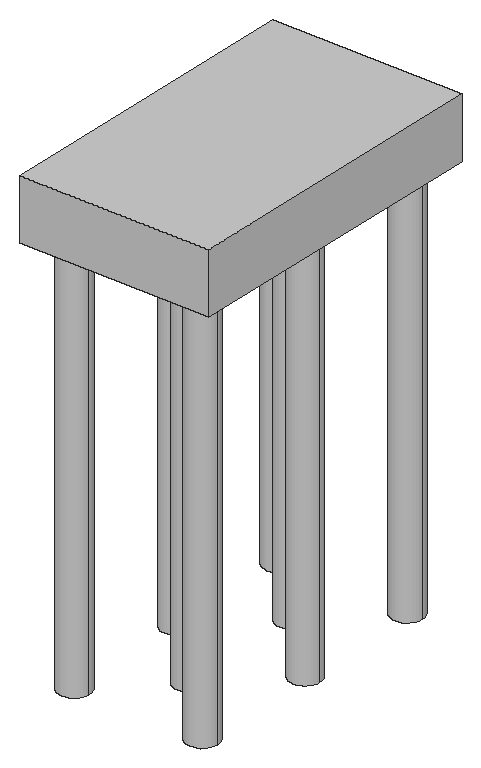
Revit family "Bloco de fundação - 8 Estacas", category Fundações estruturais, Revit 2019
Family settings
  Material para o comportamento do modelo = Outros
  Cap = Não
  Com base no plano de trabalho = Não
  Sempre na vertical = Sim
  Corte com vazios quando carregada = Não
  Compartilhado = Não
Parameters (values of type "6300x3750x1200mm")
  Largura = 3750 mm
  Structural Material [instance] = Concreto - Moldado in loco
  Tipo do pilar [instance] = Estaca de concreto : Diâmetro de 600 mm
  Profundidade da estaca [instance] = 8000 mm
  Comprimento = 6300 mm
  Espessura da fundação = 1200 mm
  Cortado = 100 mm
  Apuramento = 600 mm
  Código de montagem = "A1010130"
Reference planes
  plane 1 "Centro (Frente/Trás)": y = 0
  plane 2: z = 0
  plane 3 "Centro (Esquerda/Direita)": x = 0
  plane 4: x = -1875
  plane 5: x = 1875
  plane 6: y = 3150
  plane 7: y = -3150
  plane 8: z = -1200
  plane 9: x = -1275
  plane 10: x = 1275
  plane 11: y = 2550
  plane 12: y = -2550
  plane 13: y = 1275
  plane 14: y = -1275
  plane 15: z = -1100
  plane 16: z = -9200
Forms (mm)
  Extrusion 1, solid, material "Concreto - Moldado in loco" <- "Structural Material"
    sketch origin (0, 0, 0) x (1, 0, 0) y (0, 1, 0)
      loop
        line (-1875, 3150) -> (-1875, -3150) -> (1875, -3150) -> (1875, 3150) -> (-1875, 3150)
    from -1200 to 0
Dimensions and locks
  "Largura": plane 4 to plane 5
  "Comprimento": plane 6 to plane 7
  equal spacing: plane 6, plane 1 "Centro (Frente/Trás)", plane 7
  equal spacing: plane 4, plane 3 "Centro (Esquerda/Direita)", plane 5
  "Espessura da fundação": plane 2 to plane 8
  "Apuramento": plane 4 to plane 9
  "Apuramento": plane 10 to plane 5
  "Apuramento": plane 6 to plane 11
  "Apuramento": plane 7 to plane 12
  equal spacing: plane 12, plane 14, plane 1 "Centro (Frente/Trás)"
  equal spacing: plane 1 "Centro (Frente/Trás)", plane 13, plane 11
  "Cortado": plane 15 to plane 8
  "Profundidade da estaca": plane 8 to plane 16
  aligned and locked: plane 4 to Extrusion 1 sketch curve
  aligned and locked: Extrusion 1 sketch curve to plane 5
  aligned and locked: Extrusion 1 sketch curve to plane 6
  aligned and locked: plane 7 to Extrusion 1 sketch curve
  aligned and locked: level to Extrusion 1
  aligned and locked: Extrusion 1 to plane 8
  aligned and locked: nested 6 to plane 11
  aligned and locked: nested 6 to plane 9
  aligned and locked: plane 11 to nested 1
  aligned and locked: plane 10 to nested 1
  aligned and locked: plane 12 to nested 8
  aligned and locked: nested 8 to plane 9
  aligned and locked: plane 12 to nested 3
  aligned and locked: nested 3 to plane 10
  aligned and locked: nested 7 to plane 1 "Centro (Frente/Trás)"
  aligned and locked: nested 7 to plane 9
  aligned and locked: plane 1 "Centro (Frente/Trás)" to nested 2
  aligned and locked: plane 10 to nested 2
  aligned and locked: plane 14 to nested 5
  aligned and locked: plane 3 "Centro (Esquerda/Direita)" to nested 5
  aligned and locked: nested 4 to plane 13
  aligned and locked: plane 3 "Centro (Esquerda/Direita)" to nested 4
  aligned and locked: plane 15 to nested 8
  aligned and locked: plane 15 to nested 7
  aligned and locked: plane 15 to nested 6
  aligned and locked: nested 4 to plane 15
  aligned and locked: nested 5 to plane 15
  aligned and locked: plane 15 to nested 1
  aligned and locked: plane 15 to nested 3
  aligned and locked: plane 15 to nested 2
Nested families
  nested 1: "Estaca de concreto" at (1275, 2550, -1200), type <- "Tipo do pilar", Emblocamento mínimo <- "Cortado", Linear <- "Profundidade da estaca", type "Diâmetro de 600 mm"
    with Structural Material Concreto - Moldado in loco, Emblocamento mínimo 100 mm, Linear 8000 mm
  nested 2: "Estaca de concreto" at (1275, 0, -1200), type <- "Tipo do pilar", Emblocamento mínimo <- "Cortado", Linear <- "Profundidade da estaca", type "Diâmetro de 600 mm"
    with Structural Material Concreto - Moldado in loco, Emblocamento mínimo 100 mm, Linear 8000 mm
  nested 3: "Estaca de concreto" at (1275, -2550, -1200), type <- "Tipo do pilar", Emblocamento mínimo <- "Cortado", Linear <- "Profundidade da estaca", type "Diâmetro de 600 mm"
    with Structural Material Concreto - Moldado in loco, Emblocamento mínimo 100 mm, Linear 8000 mm
  nested 4: "Estaca de concreto" at (0, 1275, -1200), type <- "Tipo do pilar", Emblocamento mínimo <- "Cortado", Linear <- "Profundidade da estaca", type "Diâmetro de 600 mm"
    with Structural Material Concreto - Moldado in loco, Emblocamento mínimo 100 mm, Linear 8000 mm
  nested 5: "Estaca de concreto" at (0, -1275, -1200), type <- "Tipo do pilar", Emblocamento mínimo <- "Cortado", Linear <- "Profundidade da estaca", type "Diâmetro de 600 mm"
    with Structural Material Concreto - Moldado in loco, Emblocamento mínimo 100 mm, Linear 8000 mm
  nested 6: "Estaca de concreto" at (-1275, 2550, -1200), type <- "Tipo do pilar", Emblocamento mínimo <- "Cortado", Linear <- "Profundidade da estaca", type "Diâmetro de 600 mm"
    with Structural Material Concreto - Moldado in loco, Emblocamento mínimo 100 mm, Linear 8000 mm
  nested 7: "Estaca de concreto" at (-1275, 0, -1200), type <- "Tipo do pilar", Emblocamento mínimo <- "Cortado", Linear <- "Profundidade da estaca", type "Diâmetro de 600 mm"
    with Structural Material Concreto - Moldado in loco, Emblocamento mínimo 100 mm, Linear 8000 mm
  nested 8: "Estaca de concreto" at (-1275, -2550, -1200), type <- "Tipo do pilar", Emblocamento mínimo <- "Cortado", Linear <- "Profundidade da estaca", type "Diâmetro de 600 mm"
    with Structural Material Concreto - Moldado in loco, Emblocamento mínimo 100 mm, Linear 8000 mm
Definition of nested family "Estaca de concreto"
  Parameters
    Structural Material [instance] = none
    Raio = Diâmetro / 2  # 300 mm
    Emblocamento mínimo [instance] = 100 mm
    Diâmetro = 600 mm
    Linear [instance] = 6000 mm
  Reference planes
    plane 1 "Centro (Frente/Trás)": y = 0
    plane 2: z = 0
    plane 3 "Centro (Esquerda/Direita)": x = 0
    plane 4: z = 100
    plane 5: z = -6000
  Forms (mm)
    Extrusion 1, solid, material <- "Structural Material"
      sketch origin (0, 0, 0) x (1, 0, 0) y (0, 1, 0)
        loop
          circle (0, 0) r 300
      from -6000 to 100
  Dimensions and locks
    "Emblocamento mínimo": plane 4 to plane 2
    "Linear": plane 2 to plane 5
    "Raio": radius of Extrusion 1 sketch curve
    aligned and locked: plane 2 to level
    aligned and locked: plane 1 "Centro (Frente/Trás)" to Extrusion 1 sketch curve
    aligned and locked: plane 3 "Centro (Esquerda/Direita)" to Extrusion 1 sketch curve
    aligned and locked: Extrusion 1 to plane 5
    aligned and locked: plane 4 to Extrusion 1
